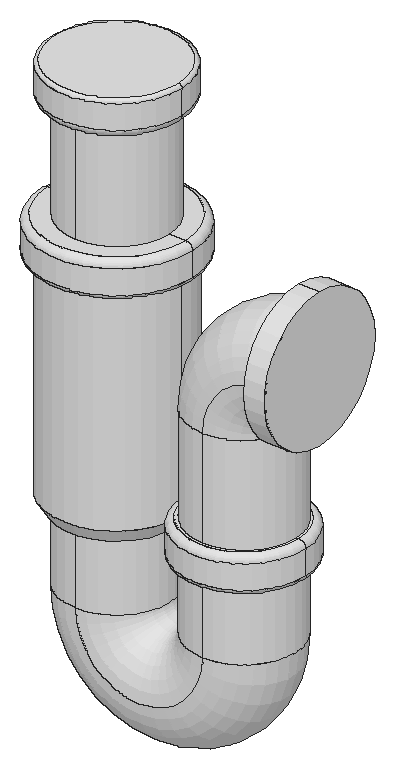
Revit family "S-31 (EN)", category Pipe Fittings, Revit 2015
Parameters (values of type "S-31_1 1/4" x 1 1/2"")
  r = 31.8 mm
  URL = "http://www.jimten.com/en/producto/120/sifon-fregadero"
  S = 40 mm
  Reference = "006366"
  Outlet = "Ø40 MM (FEMALE)"
  Model = "S-31"  # constant formula
  Material = PP (White)
  Manufacturer = "Jimten"  # constant formula
  Inlets = "1 1/4'' FEMALE THREAD"
  Description = "SINK TRAP, ADJUSTABLE S TRAP, HORIZONTAL OUTLET, WITH LOOSE NUT"  # constant formula
  Type Comments = ""
  Certificates = ""
  Caudal = 0.4 L/s  # constant formula
  Appliances = "WASH BASIN, BIDET"  # constant formula
  Amin = 170 mm
  Amax = 230 mm
  A_cálculo [instance] = if(A < Amax, if(A > Amin, A, Amin), Amax)  # 170 mm
  A [instance] = 160 mm
Types (3, lengths in mm): name | r | S | Reference | Outlet | Inlets | Amin | Amax | A_cálculo | A
  S-31_1 1/2" | 38.1 | 40 | "006028" | "Ø40 MM (FEMALE)" | "1 1/2'' FEMALE THREAD" | 170 | 230 | 180 | 180
  S-31_1 1/4" x 1 1/2" | 31.8 | 40 | "006366" | "Ø40 MM (FEMALE)" | "1 1/4'' FEMALE THREAD" | 170 | 230 | 170 | 160
  S-31_1 1/4" | 31.8 | 32 | "006046" | "Ø32 MM (FEMALE)" | "1 1/4'' FEMALE THREAD" | 163 | 210 | 163 | 160
Reference planes
  plane 1 "Centro (Frontal/Posterior)": y = 0
  plane 2: z = -80
  plane 3 "Centro (Izquierda/Derecha)": x = 0
  plane 4: x = 59
  plane 5 "Superior": z = 90
  plane 6: z = -46.5
  plane 7: x = 37
  plane 8: z = 30
  plane 9: z = -26.5
  plane 10: z = 80
Forms (mm)
  Sweep 1, solid, material "PP (White)" <- "Material"
    path in 3D
      loop
        line (0, 0, 80) -> (0, 0, -46.5)
        arc (0, 0, -46.5) -> (18.5, 0, -65) -> (37, 0, -46.5) r 18.5
        line (37, 0, -46.5) -> (37, 0, 12)
        arc (37, 0, 12) -> (42.272, 0, 24.728) -> (55, 0, 30) r 18
        line (55, 0, 30) -> (59, 0, 30)
    profile origin (0, 0, 16.75) x (0, -1, 0) y (1, 0, 0)
      loop
        circle (0, 0) r 15
  Sweep 2, solid, material "PP (White)" <- "Material"
    path origin (0, 0, 0) x (1, 0, 0) y (0, 0, 1)
      loop
        line (59, 30) -> (52.966, 30)
    profile origin (55.983, 0, 30) x (0, 0, -1) y (0, -1, 0)
      loop
        circle (0, 0) r 20
  Revolve 3, solid, material "PP (White)" <- "Material"
    sketch origin (0, 0, 0) x (1, 0, 0) y (0, 0, 1)
      loop
        line (-15.001, -26.5) -> (-15.001, 49.717) -> (-20, 49.717)
        arc (-20, 49.717) -> (-21.414, 49.131) -> (-22, 47.717) r 2
        line (-22, 47.717) -> (-22, 40.717)
        arc (-22, 40.717) -> (-21.707, 40.009) -> (-21, 39.717) r 1
        line (-21, 39.717) -> (-19, 39.717) -> (-19, -22.356) -> (-16.399, -26.5) -> (-15.001, -26.5)
      axis (0, -26.5) -> (0, 49.717)
    angle from 0 to 360
  Revolve 4, solid, material "PP (White)" <- "Material"
    sketch origin (0, 0, 0) x (1, 0, 0) y (0, 0, 1)
      loop
        line (21.996, -26.5) -> (21.996, -16.5) -> (21.05, -16.5)
        arc (21.05, -16.5) -> (19.636, -17.086) -> (19.05, -18.5) r 2
        line (19.05, -18.5) -> (19.05, -25.5)
        arc (19.05, -25.5) -> (19.343, -26.207) -> (20.05, -26.5) r 1
        line (20.05, -26.5) -> (21.996, -26.5)
      axis (37, -26.5) -> (37, -16.5)
    angle from 0 to 360
  Extrusion 5, solid, material "PP (White)" <- "Material"
    sketch origin (-151.894, -1524, 90) x (-1, 0, 0) y (0, -1, 0)
      loop
        circle (-151.894, -1524) r 15.9
    from -10 to 0
  Sweep 6, solid, material "PP (White)" <- "Material"
    path origin (-151.894, -1524, 90) x (-1, 0, 0) y (0, -1, 0)
      loop
        circle (-151.894, -1524) r 15.9
    profile origin (0, -15.9, 90) x (0, 1, 0) y (0, 0, 1)
      loop
        line (0, 0) -> (-2, 0)
        arc (-2, 0) -> (-2.707, -0.293) -> (-3, -1) r 1
        line (-3, -1) -> (-3, -8)
        arc (-3, -8) -> (-2.414, -9.414) -> (-1, -10) r 2
        line (-1, -10) -> (0, -10) -> (0, 0)
Cuts and joins
  joined: Sweep 1, Sweep 2
  joined: Extrusion 5, Sweep 6
Lines and regions (mm)
  reference lines
    curve 1: line (0, 0, 80) -> (0, 0, -46.5)
    curve 2: arc (0, 0, -46.5) -> (18.5, 0, -65) -> (37, 0, -46.5) r 18.5
    curve 3: line (37, 0, -46.5) -> (37, 0, 12)
    curve 4: line (55, 0, 30) -> (59, 0, 30)
    curve 5: arc (37, 0, 12) -> (42.272, 0, 24.728) -> (55, 0, 30) r 18
  sketch lines
    curve 6: line (0, 0, 80) -> (0, 0, -46.5)
    curve 7: arc (0, 0, -46.5) -> (18.5, 0, -65) -> (37, 0, -46.5) r 18.5
    curve 8: line (37, 0, -46.5) -> (37, 0, 12)
    curve 9: arc (37, 0, 12) -> (42.272, 0, 24.728) -> (55, 0, 30) r 18
    curve 10: line (55, 0, 30) -> (59, 0, 30)
Dimensions and locks
  "A_cálculo": plane 5 "Superior" to level
  locked: plane 6 to level at 33.5
  plane 4 to plane 3 "Centro (Izquierda/Derecha)" = 59 mm
  locked: Sweep 2 sketch curve to Sweep 2 sketch curve at 6.034
  locked: plane 7 to plane 3 "Centro (Izquierda/Derecha)" at 37
  locked: plane 9 to plane 6 at 20
  locked: Revolve 3 sketch curve to Revolve 3 sketch curve at 76.217
  locked: plane 5 "Superior" to plane 10 at 10
  locked: plane 7 to curve 5 at 18
  locked: Revolve 4 sketch curve to Revolve 4 sketch curve at 10
  "S": diameter of Sweep 2 sketch curve
  "r": diameter of Extrusion 5 sketch curve
  aligned and locked: level to plane 2
  aligned and locked: curve 1 to plane 3 "Centro (Izquierda/Derecha)"
  aligned and locked: curve 3 to plane 7
  aligned and locked: curve 4 to plane 8
  aligned and locked: plane 8 to Sweep 2 sketch curve  (x2)
  aligned and locked: curve 3 to Revolve 4 sketch curve
  aligned and locked: plane 1 "Centro (Frontal/Posterior)" to Extrusion 5 sketch curve
  aligned and locked: plane 3 "Centro (Izquierda/Derecha)" to Extrusion 5 sketch curve
  aligned and locked: plane 5 "Superior" to Extrusion 5
  aligned and locked: Extrusion 5 to curve 1
  aligned and locked: Sweep 6 sketch curve to Extrusion 5
Automatic sketch dimensions
  Sweep 1 sketch curve to profile plane = 0 mm
  profile plane to Sweep 1 sketch curve = 0 mm
  Sweep 2 sketch curve to plane 4 = 0 mm
  curve 4 to plane 4 = 0 mm
  curve 1 to plane 6 = 0 mm
  curve 1 to plane 10 = 0 mm
  curve 1 to plane 3 "Centro (Izquierda/Derecha)" = 0 mm
  Sweep 6 sketch curve to profile plane = 0 mm
  profile plane to Sweep 6 sketch curve = 1 mm
  profile plane to Sweep 6 sketch curve = 2 mm
  Sweep 6 sketch curve to Sweep 6 sketch curve = 1 mm
  Sweep 6 sketch curve to Sweep 6 sketch curve = 7 mm
  Sweep 6 sketch curve to plane 5 "Superior" = 0 mm
  Revolve 3 sketch curve to plane 9 = 0 mm  (x2)
  Revolve 3 sketch curve to plane 3 "Centro (Izquierda/Derecha)" = 0 mm
  Revolve 3 sketch curve to plane 3 "Centro (Izquierda/Derecha)" = 15.001 mm
  Revolve 3 sketch curve to Revolve 3 sketch curve = 1.398 mm
  Revolve 3 sketch curve to Revolve 3 sketch curve = 2.601 mm
  Revolve 3 sketch curve to Revolve 3 sketch curve = 4.999 mm
  Revolve 3 sketch curve to Revolve 3 sketch curve = 2 mm  (x2)
  plane 9 to Revolve 3 sketch curve = 4.144 mm
  Revolve 3 sketch curve to Revolve 3 sketch curve = 8 mm
  plane 8 to Revolve 3 sketch curve = 9 mm
  Revolve 4 sketch curve to plane 9 = 0 mm  (x2)
  plane 7 to Revolve 4 sketch curve = 15.004 mm
  Revolve 4 sketch curve to Revolve 4 sketch curve = 0.945 mm
  Revolve 4 sketch curve to Revolve 4 sketch curve = 1.945 mm
  Revolve 4 sketch curve to Revolve 4 sketch curve = 1 mm
  Revolve 4 sketch curve to Revolve 4 sketch curve = 9.25 mm
  Sweep 2 sketch curve to plane 1 "Centro (Frontal/Posterior)" = 0 mm
  radius of Sweep 1 sketch curve = 15 mm
Connectors
  piping at (59, 0, 30), diameter 40, driven by "S"
    settings: on cut or joined group of Sweep 1, Sweep 2, index 1, connector inside diameter 609.6 mm, connector length 0 mm, flow factor 0, pipe flow 0.0 L/s, pressure drop 0.0 Pa, fitting loss kfactor 0, connector angle 0.00°, fixture units 0, engagement length 0 mm, angle of deflection 0.00°, flow configuration 0, flow direction 2, fitting loss method 0, system type 29, joint type 0, gender type 0, connector reference index -1, connector utility 0, adjustable connector yes, is connector primary yes, connector description ""
  piping at (0, 0, 90), diameter 31.8, driven by "r"
    settings: on Extrusion 5, index 2, connector inside diameter 609.6 mm, connector length 0 mm, flow factor 0, pipe flow 0.0 L/s, pressure drop 0.0 Pa, fitting loss kfactor 0, connector angle 0.00°, fixture units 0, engagement length 0 mm, angle of deflection 0.00°, flow configuration 0, flow direction 1, fitting loss method 0, system type 29, joint type 0, gender type 0, connector reference index -1, connector utility 0, adjustable connector no, is connector primary no, connector description ""
